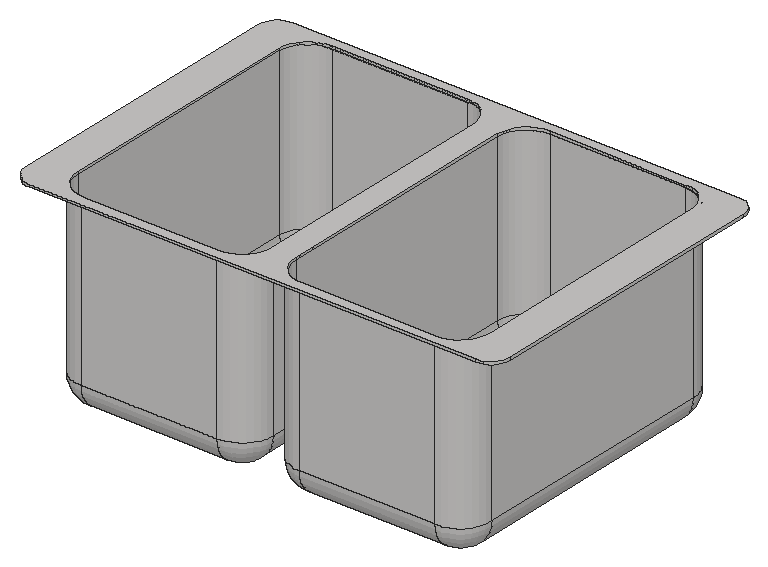
Revit family "QF_Vollrath_102-1-1", category Specialty Equipment, Revit 2016
Family settings
  Part Type = Normal
  Round Connector Dimension = Use Diameter
  OmniClass Number = 23.40.40.14.31
  OmniClass Title = Cleaning and Disposal Equipment
  Work Plane-Based = Yes
  Always vertical = Yes
  Cut with Voids When Loaded = No
  Shared = No
  Room Calculation Point = No
Parameters
  Width = 2' - 1"
  Weight in Pounds = 0
  Watermarked By = "http://revitwatermark.com"
  URL Cutsheet = ""
  Status [instance] = ""
  Specification by User [instance] = ""
  Specification by Manufacturer [instance] = ""
  Sink Width = 1' - 9 1/4"
  Sink Depth = 1' - 4"
  Sink Basin Depth = 0' - 10"
  Serial Number [instance] = ""
  Seismic Rating [instance] = ""
  SMACNA No [instance] = ""
  Revision Code [instance] = ""
  NAFEM Spec ID Number [instance] = ""
  Model = "102-1-1"
  Masterspec [instance] = ""
  Manufacturer = "Vollrath"
  Item Number [instance] = "-"
  Installed By [instance] = ""
  Indirect Waste Size = 2"
  Indirect Waste Flow [instance] = 0.00 GPM
  Indirect Waste Connection Type [instance] = ""
  Indirect Waste Connection Height [instance] = 0' - 0"
  Furnished By [instance] = ""
  Foodservice Equipment Identifier [instance] = yes
  Description = "Bar Sink"  # constant formula
  Depth = 1' - 5"
  Default Elevation = 4' - 0"
  CSI MasterFormat = ""
Reference planes (in)
  plane 1 "BACK": y = 0
  plane 2 "BOTTOM": z = 0
  plane 3 "LEFT": x = 0
  plane 4 "RIGHT": x = 25
  plane 5 "FRONT": y = -17
  plane 6: x = 12.5
  plane 7: y = -8.5
  plane 8: y = -0.5
  plane 9: y = -16.5
  plane 10: x = 1.875
  plane 11: x = 23.125
  plane 12 "Sink Bottom": z = -10
  plane 13: x = 13.125
  plane 14: x = 11.875
  plane 15: x = 6.875
  plane 16: x = 18.125
Forms (in)
  Extrusion 1, solid, material "QF_Finishes_Stainless Steel"
    sketch origin (0, 0, 0) x (1, 0, 0) y (0, 1, 0)
      loop
        arc (1, 0) -> (0.29289, -0.29289) -> (0, -1) r 1
        line (0, -1) -> (0, -16)
        arc (0, -16) -> (0.29289, -16.70711) -> (1, -17) r 1
        line (1, -17) -> (24, -17)
        arc (24, -17) -> (24.70711, -16.70711) -> (25, -16) r 1
        line (25, -16) -> (25, -1)
        arc (25, -1) -> (24.70711, -0.29289) -> (24, 0) r 1
        line (24, 0) -> (1, 0)
      loop
        arc (3.375, -0.5) -> (2.31434, -0.93934) -> (1.875, -2) r 1.5
        line (1.875, -2) -> (1.875, -15)
        arc (1.875, -15) -> (2.31434, -16.06066) -> (3.375, -16.5) r 1.5
        line (3.375, -16.5) -> (10.375, -16.5)
        arc (10.375, -16.5) -> (11.43566, -16.06066) -> (11.875, -15) r 1.5
        line (11.875, -15) -> (11.875, -2)
        arc (11.875, -2) -> (11.43566, -0.93934) -> (10.375, -0.5) r 1.5
        line (10.375, -0.5) -> (3.375, -0.5)
      loop
        arc (14.625, -0.5) -> (13.56434, -0.93934) -> (13.125, -2) r 1.5
        line (13.125, -2) -> (13.125, -15)
        arc (13.125, -15) -> (13.56434, -16.06066) -> (14.625, -16.5) r 1.5
        line (14.625, -16.5) -> (21.625, -16.5)
        arc (21.625, -16.5) -> (22.68566, -16.06066) -> (23.125, -15) r 1.5
        line (23.125, -15) -> (23.125, -2)
        arc (23.125, -2) -> (22.68566, -0.93934) -> (21.625, -0.5) r 1.5
        line (21.625, -0.5) -> (14.625, -0.5)
    from 0 to 0.125
  Sweep 2, solid, material "QF_Finishes_Stainless Steel"
    path in 3D
      loop
        arc (10.375, -0.5, 0.125) -> (11.43566, -0.93934, 0.125) -> (11.875, -2, 0.125) r 1.5
        line (11.875, -2, 0.125) -> (11.875, -15, 0.125)
        arc (11.875, -15, 0.125) -> (11.43566, -16.06066, 0.125) -> (10.375, -16.5, 0.125) r 1.5
        line (10.375, -16.5, 0.125) -> (3.375, -16.5, 0.125)
        arc (3.375, -16.5, 0.125) -> (2.31434, -16.06066, 0.125) -> (1.875, -15, 0.125) r 1.5
        line (1.875, -15, 0.125) -> (1.875, -2, 0.125)
        arc (1.875, -2, 0.125) -> (2.31434, -0.93934, 0.125) -> (3.375, -0.5, 0.125) r 1.5
        line (3.375, -0.5, 0.125) -> (10.375, -0.5, 0.125)
    profile origin (6.875, -0.5, 0.125) x (0, 1, 0) y (0, 0, 1)
      loop
        line (0.125, -0.125) -> (0, -0.125) -> (0, -8.625)
        arc (0, -8.625) -> (-0.40273, -9.59727) -> (-1.375, -10) r 1.375
        line (-1.375, -10) -> (-1.375, -10.125)
        arc (-1.375, -10.125) -> (-0.31434, -9.68566) -> (0.125, -8.625) r 1.5
        line (0.125, -8.625) -> (0.125, -0.125)
  Extrusion 3, solid, material "QF_Finishes_Stainless Steel"
    sketch origin (0, 0, -10) x (-1, 0, 0) y (0, -1, 0)
      loop
        line (-10.375, 1.875) -> (-3.375, 1.875)
        arc (-3.375, 1.875) -> (-3.28661, 1.91161) -> (-3.25, 2) r 0.125
        line (-3.25, 2) -> (-3.25, 15)
        arc (-3.25, 15) -> (-3.28661, 15.08839) -> (-3.375, 15.125) r 0.125
        line (-3.375, 15.125) -> (-10.375, 15.125)
        arc (-10.375, 15.125) -> (-10.46339, 15.08839) -> (-10.5, 15) r 0.125
        line (-10.5, 15) -> (-10.5, 2)
        arc (-10.5, 2) -> (-10.46339, 1.91161) -> (-10.375, 1.875) r 0.125
      loop
        circle (-6.875, 8.5) r 1.75
    from 0 to 0.125
  Sweep 4, solid, material "QF_Finishes_Stainless Steel"
    path in 3D
      loop
        arc (21.625, -0.5, 0.125) -> (22.68566, -0.93934, 0.125) -> (23.125, -2, 0.125) r 1.5
        line (23.125, -2, 0.125) -> (23.125, -15, 0.125)
        arc (23.125, -15, 0.125) -> (22.68566, -16.06066, 0.125) -> (21.625, -16.5, 0.125) r 1.5
        line (21.625, -16.5, 0.125) -> (14.625, -16.5, 0.125)
        arc (14.625, -16.5, 0.125) -> (13.56434, -16.06066, 0.125) -> (13.125, -15, 0.125) r 1.5
        line (13.125, -15, 0.125) -> (13.125, -2, 0.125)
        arc (13.125, -2, 0.125) -> (13.56434, -0.93934, 0.125) -> (14.625, -0.5, 0.125) r 1.5
        line (14.625, -0.5, 0.125) -> (21.625, -0.5, 0.125)
    profile origin (18.125, -0.5, 0.125) x (0, 1, 0) y (0, 0, 1)
      loop
        line (0.125, -0.125) -> (0, -0.125) -> (0, -8.625)
        arc (0, -8.625) -> (-0.40273, -9.59727) -> (-1.375, -10) r 1.375
        line (-1.375, -10) -> (-1.375, -10.125)
        arc (-1.375, -10.125) -> (-0.31434, -9.68566) -> (0.125, -8.625) r 1.5
        line (0.125, -8.625) -> (0.125, -0.125)
  Extrusion 5, solid, material "QF_Finishes_Stainless Steel"
    sketch origin (0, 0, -10) x (-1, 0, 0) y (0, -1, 0)
      loop
        line (-21.625, 1.875) -> (-14.625, 1.875)
        arc (-14.625, 1.875) -> (-14.53661, 1.91161) -> (-14.5, 2) r 0.125
        line (-14.5, 2) -> (-14.5, 15)
        arc (-14.5, 15) -> (-14.53661, 15.08839) -> (-14.625, 15.125) r 0.125
        line (-14.625, 15.125) -> (-21.625, 15.125)
        arc (-21.625, 15.125) -> (-21.71339, 15.08839) -> (-21.75, 15) r 0.125
        line (-21.75, 15) -> (-21.75, 2)
        arc (-21.75, 2) -> (-21.71339, 1.91161) -> (-21.625, 1.875) r 0.125
      loop
        circle (-18.125, 8.5) r 1.75
    from 0 to 0.125
Lines and regions (in)
  sketch lines
    curve 1: line (3.375, -0.5, 0.125) -> (10.375, -0.5, 0.125)
    curve 2: arc (3.375, -0.5, 0.125) -> (2.31434, -0.93934, 0.125) -> (1.875, -2, 0.125) r 1.5
    curve 3: line (1.875, -15, 0.125) -> (1.875, -2, 0.125)
    curve 4: arc (1.875, -15, 0.125) -> (2.31434, -16.06066, 0.125) -> (3.375, -16.5, 0.125) r 1.5
    curve 5: line (10.375, -16.5, 0.125) -> (3.375, -16.5, 0.125)
    curve 6: arc (10.375, -16.5, 0.125) -> (11.43566, -16.06066, 0.125) -> (11.875, -15, 0.125) r 1.5
    curve 7: line (11.875, -2, 0.125) -> (11.875, -15, 0.125)
    curve 8: arc (11.875, -2, 0.125) -> (11.43566, -0.93934, 0.125) -> (10.375, -0.5, 0.125) r 1.5
    curve 9: line (14.625, -0.5, 0.125) -> (21.625, -0.5, 0.125)
    curve 10: arc (14.625, -0.5, 0.125) -> (13.56434, -0.93934, 0.125) -> (13.125, -2, 0.125) r 1.5
    curve 11: line (13.125, -15, 0.125) -> (13.125, -2, 0.125)
    curve 12: arc (13.125, -15, 0.125) -> (13.56434, -16.06066, 0.125) -> (14.625, -16.5, 0.125) r 1.5
    curve 13: line (21.625, -16.5, 0.125) -> (14.625, -16.5, 0.125)
    curve 14: arc (21.625, -16.5, 0.125) -> (22.68566, -16.06066, 0.125) -> (23.125, -15, 0.125) r 1.5
    curve 15: line (23.125, -2, 0.125) -> (23.125, -15, 0.125)
    curve 16: arc (23.125, -2, 0.125) -> (22.68566, -0.93934, 0.125) -> (21.625, -0.5, 0.125) r 1.5
  symbolic lines
    curve 17: line (1, 0, -10) -> (24, 0, -10)
    curve 18: arc (1, 0, -10) -> (0.29289, -0.29289, -10) -> (0, -1, -10) r 1
    curve 19: line (0, -16, -10) -> (0, -1, -10)
    curve 20: arc (0, -16, -10) -> (0.29289, -16.70711, -10) -> (1, -17, -10) r 1
    curve 21: line (24, -17, -10) -> (1, -17, -10)
    curve 22: arc (24, -17, -10) -> (24.70711, -16.70711, -10) -> (25, -16, -10) r 1
    curve 23: line (25, -1, -10) -> (25, -16, -10)
    curve 24: arc (25, -1, -10) -> (24.70711, -0.29289, -10) -> (24, 0, -10) r 1
  symbolic lines, style "QF_Surface Details"
    curve 25: line (10.375, -0.5, -10) -> (3.375, -0.5, -10)
    curve 26: arc (1.875, -2, -10) -> (2.31434, -0.93934, -10) -> (3.375, -0.5, -10) r 1.5
    curve 27: line (1.875, -2, -10) -> (1.875, -15, -10)
    curve 28: arc (3.375, -16.5, -10) -> (2.31434, -16.06066, -10) -> (1.875, -15, -10) r 1.5
    curve 29: line (3.375, -16.5, -10) -> (10.375, -16.5, -10)
    curve 30: arc (11.875, -15, -10) -> (11.43566, -16.06066, -10) -> (10.375, -16.5, -10) r 1.5
    curve 31: line (11.875, -15, -10) -> (11.875, -2, -10)
    curve 32: arc (10.375, -0.5, -10) -> (11.43566, -0.93934, -10) -> (11.875, -2, -10) r 1.5
    curve 33: arc (13.125, -2, -10) -> (13.56434, -0.93934, -10) -> (14.625, -0.5, -10) r 1.5
    curve 34: line (21.625, -0.5, -10) -> (14.625, -0.5, -10)
    curve 35: line (13.125, -2, -10) -> (13.125, -15, -10)
    curve 36: arc (14.625, -16.5, -10) -> (13.56434, -16.06066, -10) -> (13.125, -15, -10) r 1.5
    curve 37: line (14.625, -16.5, -10) -> (21.625, -16.5, -10)
    curve 38: arc (23.125, -15, -10) -> (22.68566, -16.06066, -10) -> (21.625, -16.5, -10) r 1.5
    curve 39: line (23.125, -15, -10) -> (23.125, -2, -10)
    curve 40: arc (21.625, -0.5, -10) -> (22.68566, -0.93934, -10) -> (23.125, -2, -10) r 1.5
    curve 41: circle (18.125, -8.5, -10) r 1.75 normal (0, 0, -1)
    curve 42: circle (6.875, -8.5, -10) r 1.75 normal (0, 0, -1)
Dimensions and locks (in)
  "Width": plane 3 "LEFT" to plane 4 "RIGHT"
  "Depth": plane 5 "FRONT" to plane 1 "BACK"
  "Sink Depth": plane 8 to plane 9
  equal spacing: plane 3 "LEFT", plane 6, plane 4 "RIGHT"
  "Sink Width": plane 10 to plane 11
  "Sink Basin Depth": level to plane 12 "Sink Bottom"
  equal spacing: plane 8, plane 7, plane 9
  plane 1 "BACK" to plane 8 = 0' - 0 1/2"
  plane 9 to plane 5 "FRONT" = 0' - 0 1/2"
  plane 3 "LEFT" to plane 10 = 0' - 1 7/8"
  plane 11 to plane 4 "RIGHT" = 0' - 1 7/8"
  plane 10 to plane 14 = 0' - 10"
  plane 13 to plane 11 = 0' - 10"
  plane 14 to plane 13 = 0' - 1 1/4"
  equal spacing: plane 10, plane 15, plane 14
  equal spacing: plane 13, plane 16, plane 11
  aligned and locked: level to plane 2 "BOTTOM"
  aligned and locked: plane 1 "BACK" to Extrusion 1 sketch curve
  aligned and locked: plane 3 "LEFT" to Extrusion 1 sketch curve
  aligned and locked: Extrusion 1 sketch curve to plane 5 "FRONT"
  aligned and locked: Extrusion 1 sketch curve to plane 4 "RIGHT"
  aligned and locked: Extrusion 1 sketch curve to plane 8  (x2)
  aligned and locked: plane 10 to Extrusion 1 sketch curve
  aligned and locked: plane 9 to Extrusion 1 sketch curve  (x2)
  aligned and locked: Extrusion 1 sketch curve to plane 14
  aligned and locked: plane 13 to Extrusion 1 sketch curve
  aligned and locked: Extrusion 1 sketch curve to plane 11
  aligned and locked: Extrusion 3 sketch curve to Sweep 2  (x3)
  aligned and locked: Extrusion 5 sketch curve to Sweep 4  (x4)
Automatic sketch dimensions
  Extrusion 1 sketch curve to plane 10 = 0' - 0 7/8"  (x2)
  plane 10 to Extrusion 1 sketch curve = 0' - 1 1/2"
  plane 9 to Extrusion 1 sketch curve = 0' - 1 1/2"  (x2)
  Extrusion 1 sketch curve to plane 8 = 0' - 1 1/2"  (x2)
  plane 13 to Extrusion 1 sketch curve = 0' - 1 1/2"  (x2)
  Extrusion 1 sketch curve to plane 11 = 0' - 1 1/2"
  plane 11 to Extrusion 1 sketch curve = 0' - 0 7/8"
  plane 9 to Extrusion 1 sketch curve = 0' - 0 1/2"
  Sweep 2 sketch curve to Sweep 2 sketch curve = 0' - 0"
  Sweep 2 sketch curve to profile plane = 0' - 0"
  Sweep 2 sketch curve to Sweep 2 sketch curve = 0' - 1 3/8"
  Sweep 2 sketch curve to profile plane = 0' - 0 1/8"  (x2)
  Sweep 2 sketch curve to profile plane = 0' - 10 1/8"
  Extrusion 3 sketch curve to plane 7 = 0' - 0"
  Extrusion 3 sketch curve to Extrusion 3 sketch curve = 0' - 0 1/8"  (x3)
  plane 10 to Extrusion 3 sketch curve = 0' - 5"
  Extrusion 3 sketch curve to plane 14 = 0' - 1 1/2"  (x2)
  Sweep 4 sketch curve to Sweep 4 sketch curve = 0' - 0"
  Sweep 4 sketch curve to profile plane = 0' - 0"
  profile plane to Sweep 4 sketch curve = 0' - 1 3/8"
  Sweep 4 sketch curve to Sweep 4 sketch curve = 0' - 0 1/8"
  Sweep 4 sketch curve to profile plane = 0' - 10 1/8"
  Sweep 4 sketch curve to profile plane = 0' - 0 1/8"
  Extrusion 5 sketch curve to plane 7 = 0' - 0"
  Extrusion 5 sketch curve to plane 16 = 0' - 0"
  Extrusion 5 sketch curve to Extrusion 5 sketch curve = 0' - 0 1/8"  (x4)
  curve 22 to plane 4 "RIGHT" = 0' - 0"
  plane 1 "BACK" to curve 17 = 0' - 0"
  plane 5 "FRONT" to curve 22 = 0' - 0"
  curve 40 to plane 11 = 0' - 0"
  curve 37 to plane 9 = 0' - 0"
  curve 40 to plane 8 = 0' - 0"
  curve 41 to plane 7 = 0' - 0"
  curve 41 to plane 16 = 0' - 0"
  curve 36 to plane 13 = 0' - 0"
  curve 31 to plane 14 = 0' - 0"
  curve 29 to plane 9 = 0' - 0"
  curve 32 to plane 8 = 0' - 0"
  curve 42 to plane 7 = 0' - 0"
  curve 42 to plane 15 = 0' - 0"
  curve 26 to plane 10 = 0' - 0"
  curve 19 to plane 3 "LEFT" = 0' - 0"
  curve 24 to plane 8 = 0' - 0 1/2"
  plane 11 to curve 22 = 0' - 0 7/8"
  curve 37 to plane 11 = 0' - 1 1/2"
  curve 40 to plane 11 = 0' - 1 1/2"
  curve 33 to plane 8 = 0' - 1 1/2"
  plane 13 to curve 37 = 0' - 1 1/2"
  curve 29 to plane 14 = 0' - 1 1/2"
  curve 32 to plane 8 = 0' - 1 1/2"
  plane 10 to curve 29 = 0' - 1 1/2"
  curve 26 to plane 8 = 0' - 1 1/2"
  curve 21 to plane 10 = 0' - 0 7/8"
  curve 18 to plane 8 = 0' - 0 1/2"
  radius of Extrusion 3 sketch curve = 0' - 1 3/4"
  radius of Extrusion 5 sketch curve = 0' - 1 3/4"
  radius of curve 41 = 0' - 1 3/4"
  radius of curve 42 = 0' - 1 3/4"
Connectors (in)
  piping at (6.875, -8.5, -10), diameter 2, driven by "Indirect Waste Flow"
    settings: on Extrusion 3, index 1, connector inside diameter 2", connector length 0' - 0", flow factor 0, pipe flow 0.00 GPM, pressure drop 0.00 psi, fitting loss kfactor 0, connector angle 0.00°, fixture units 0, engagement length 0' - 0", angle of deflection 0.00°, flow configuration 1, flow direction 2, fitting loss method 0, system type 16, joint type 0, gender type 0, connector reference index -1, connector utility 0, adjustable connector no, is connector primary yes, connector description "IW"
  piping at (18.125, -8.5, -10), diameter 2, driven by "Indirect Waste Flow"
    settings: on Extrusion 5, index 2, connector inside diameter 2", connector length 0' - 0", flow factor 0, pipe flow 0.00 GPM, pressure drop 0.00 psi, fitting loss kfactor 0, connector angle 0.00°, fixture units 0, engagement length 0' - 0", angle of deflection 0.00°, flow configuration 1, flow direction 2, fitting loss method 0, system type 16, joint type 0, gender type 0, connector reference index -1, connector utility 0, adjustable connector no, is connector primary no, connector description "IW"
